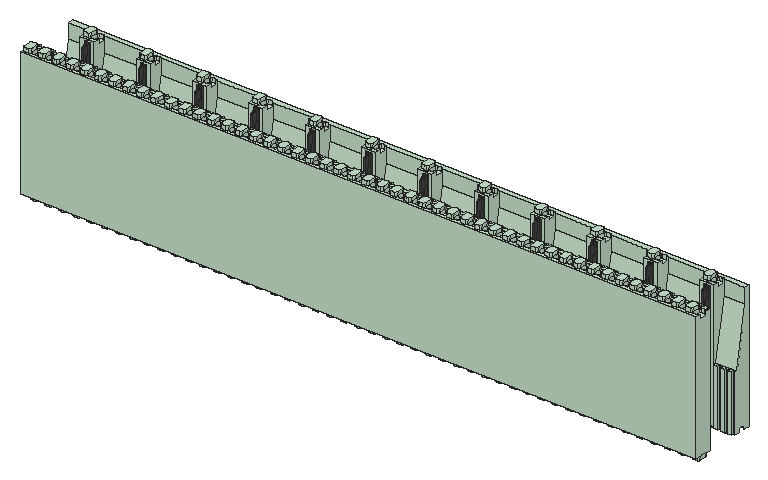
Revit family
Reference planes
  plane 1 "Center (Front/Back)": y = 0
  plane 2: z = 0
  plane 3 "Center (Left/Right)": x = 0
Forms (mm)
  Extrusion 1, solid, material "NUDURA Expanded Polystyrene Foam Insulation"
    sketch origin (0, 50.798, 0) x (1, 0, 0) y (0, 1, 0)
      loop
        line (7.142, -82.55) -> (0, -82.55) -> (0, -142.875) -> (2438.4, -142.875) -> (2438.4, -82.55) -> (2431.258, -82.55) -> (2432.842, -76.2) -> (2418.558, -76.2) -> (2420.142, -82.55) -> (2405.858, -82.55) -> (2407.442, -76.2) -> (2393.158, -76.2) -> (2394.742, -82.55) -> (2380.458, -82.55) -> (2382.042, -76.2) -> (2367.758, -76.2) -> (2369.342, -82.55) -> (2304.258, -82.55) -> (2305.842, -76.2) -> (2291.558, -76.2) -> (2293.142, -82.55) -> (2278.858, -82.55) -> (2280.442, -76.2) -> (2266.158, -76.2) -> (2267.742, -82.55) -> (2253.458, -82.55) -> (2255.042, -76.2) -> (2240.758, -76.2) -> (2242.342, -82.55) -> (2228.058, -82.55) -> (2229.642, -76.2) -> (2215.358, -76.2) -> (2216.942, -82.55) -> (2202.658, -82.55) -> (2204.242, -76.2) -> (2189.958, -76.2) -> (2191.542, -82.55) -> (2177.258, -82.55) -> (2178.842, -76.2) -> (2164.558, -76.2) -> (2166.142, -82.55) -> (2101.058, -82.55) -> (2102.642, -76.2) -> (2088.358, -76.2) -> (2089.942, -82.55) -> (2075.658, -82.55) -> (2077.242, -76.2) -> (2062.958, -76.2) -> (2064.542, -82.55) -> (2050.258, -82.55) -> (2051.842, -76.2) -> (2037.558, -76.2) -> (2039.142, -82.55) -> (2024.858, -82.55) -> (2026.442, -76.2) -> (2012.158, -76.2) -> (2013.742, -82.55) -> (1999.458, -82.55) -> (2001.042, -76.2) -> (1986.758, -76.2) -> (1988.342, -82.55) -> (1974.058, -82.55) -> (1975.642, -76.2) -> (1961.358, -76.2) -> (1962.942, -82.55) -> (1897.858, -82.55) -> (1899.442, -76.2) -> (1885.158, -76.2) -> (1886.742, -82.55) -> (1872.458, -82.55) -> (1874.042, -76.2) -> (1859.758, -76.2) -> (1861.342, -82.55) -> (1847.058, -82.55) -> (1848.642, -76.2) -> (1834.358, -76.2) -> (1835.942, -82.55) -> (1821.658, -82.55) -> (1823.242, -76.2) -> (1808.958, -76.2) -> (1810.542, -82.55) -> (1796.258, -82.55) -> (1797.842, -76.2) -> (1783.558, -76.2) -> (1785.142, -82.55) -> (1770.858, -82.55) -> (1772.442, -76.2) -> (1758.158, -76.2) -> (1759.742, -82.55) -> (1694.658, -82.55) -> (1696.242, -76.2) -> (1681.958, -76.2) -> (1683.542, -82.55) -> (1669.258, -82.55) -> (1670.842, -76.2) -> (1656.558, -76.2) -> (1658.142, -82.55) -> (1643.858, -82.55) -> (1645.442, -76.2) -> (1631.158, -76.2) -> (1632.742, -82.55) -> (1618.458, -82.55) -> (1620.042, -76.2) -> (1605.758, -76.2) -> (1607.342, -82.55) -> (1593.058, -82.55) -> (1594.642, -76.2) -> (1580.358, -76.2) -> (1581.942, -82.55) -> (1567.658, -82.55) -> (1569.242, -76.2) -> (1554.958, -76.2) -> (1556.542, -82.55) -> (1491.458, -82.55) -> (1493.042, -76.2) -> (1478.758, -76.2) -> (1480.342, -82.55) -> (1466.058, -82.55) -> (1467.642, -76.2) -> (1453.358, -76.2) -> (1454.942, -82.55) -> (1440.658, -82.55) -> (1442.242, -76.2) -> (1427.958, -76.2) -> (1429.542, -82.55) -> (1415.258, -82.55) -> (1416.842, -76.2) -> (1402.558, -76.2) -> (1404.142, -82.55) -> (1389.858, -82.55) -> (1391.442, -76.2) -> (1377.158, -76.2) -> (1378.742, -82.55) -> (1364.458, -82.55) -> (1366.042, -76.2) -> (1351.758, -76.2) -> (1353.342, -82.55) -> (1288.258, -82.55) -> (1289.842, -76.2) -> (1275.558, -76.2) -> (1277.142, -82.55) -> (1262.858, -82.55) -> (1264.442, -76.2) -> (1250.158, -76.2) -> (1251.742, -82.55) -> (1237.458, -82.55) -> (1239.042, -76.2) -> (1224.758, -76.2) -> (1226.342, -82.55) -> (1212.058, -82.55) -> (1213.642, -76.2) -> (1199.358, -76.2) -> (1200.942, -82.55) -> (1186.658, -82.55) -> (1188.242, -76.2) -> (1173.958, -76.2) -> (1175.542, -82.55) -> (1161.258, -82.55) -> (1162.842, -76.2) -> (1148.558, -76.2) -> (1150.142, -82.55) -> (1085.058, -82.55) -> (1086.642, -76.2) -> (1072.358, -76.2) -> (1073.942, -82.55) -> (1059.658, -82.55) -> (1061.242, -76.2) -> (1046.958, -76.2) -> (1048.542, -82.55) -> (1034.258, -82.55) -> (1035.842, -76.2) -> (1021.558, -76.2) -> (1023.142, -82.55) -> (1008.858, -82.55) -> (1010.442, -76.2) -> (996.158, -76.2) -> (997.742, -82.55) -> (983.458, -82.55) -> (985.042, -76.2) -> (970.758, -76.2) -> (972.342, -82.55) -> (958.058, -82.55) -> (959.642, -76.2) -> (945.358, -76.2) -> (946.942, -82.55) -> (881.858, -82.55) -> (883.442, -76.2) -> (869.158, -76.2) -> (870.742, -82.55) -> (856.458, -82.55) -> (858.042, -76.2) -> (843.758, -76.2) -> (845.342, -82.55) -> (831.058, -82.55) -> (832.642, -76.2) -> (818.358, -76.2) -> (819.942, -82.55) -> (805.658, -82.55) -> (807.242, -76.2) -> (792.958, -76.2) -> (794.542, -82.55) -> (780.258, -82.55) -> (781.842, -76.2) -> (767.558, -76.2) -> (769.142, -82.55) -> (754.858, -82.55) -> (756.442, -76.2) -> (742.158, -76.2) -> (743.742, -82.55) -> (678.658, -82.55) -> (680.242, -76.2) -> (665.958, -76.2) -> (667.542, -82.55) -> (653.258, -82.55) -> (654.842, -76.2) -> (640.558, -76.2) -> (642.142, -82.55) -> (627.858, -82.55) -> (629.442, -76.2) -> (615.158, -76.2) -> (616.742, -82.55) -> (602.458, -82.55) -> (604.042, -76.2) -> (589.758, -76.2) -> (591.342, -82.55) -> (577.058, -82.55) -> (578.642, -76.2) -> (564.358, -76.2) -> (565.942, -82.55) -> (551.658, -82.55) -> (553.242, -76.2) -> (538.958, -76.2) -> (540.542, -82.55) -> (475.458, -82.55) -> (477.042, -76.2) -> (462.758, -76.2) -> (464.342, -82.55) -> (450.058, -82.55) -> (451.642, -76.2) -> (437.358, -76.2) -> (438.942, -82.55) -> (424.658, -82.55) -> (426.242, -76.2) -> (411.958, -76.2) -> (413.542, -82.55) -> (399.258, -82.55) -> (400.842, -76.2) -> (386.558, -76.2) -> (388.142, -82.55) -> (373.858, -82.55) -> (375.442, -76.2) -> (361.158, -76.2) -> (362.742, -82.55) -> (348.458, -82.55) -> (350.042, -76.2) -> (335.758, -76.2) -> (337.342, -82.55) -> (272.258, -82.55) -> (273.842, -76.2) -> (259.558, -76.2) -> (261.142, -82.55) -> (246.858, -82.55) -> (248.442, -76.2) -> (234.158, -76.2) -> (235.742, -82.55) -> (221.458, -82.55) -> (223.042, -76.2) -> (208.758, -76.2) -> (210.342, -82.55) -> (196.058, -82.55) -> (197.642, -76.2) -> (183.358, -76.2) -> (184.942, -82.55) -> (170.658, -82.55) -> (172.242, -76.2) -> (157.958, -76.2) -> (159.542, -82.55) -> (145.258, -82.55) -> (146.842, -76.2) -> (132.558, -76.2) -> (134.142, -82.55) -> (69.058, -82.55) -> (70.642, -76.2) -> (56.358, -76.2) -> (57.942, -82.55) -> (43.658, -82.55) -> (45.242, -76.2) -> (30.958, -76.2) -> (32.542, -82.55) -> (18.258, -82.55) -> (19.842, -76.2) -> (5.558, -76.2) -> (7.142, -82.55)
    from 0 to 457.2
  Extrusion 2, void
    sketch origin (0, 50.798, 0) x (1, 0, 0) y (0, 1, 0)
      loop
        arc (25.4, -124.411) -> (26.615, -128.147) -> (29.796, -130.453) r 6.35
        arc (29.796, -130.453) -> (38.1, -131.763) -> (46.404, -130.453) r 26.987
        arc (46.404, -130.453) -> (49.585, -128.147) -> (50.8, -124.411) r 6.35
        line (50.8, -124.411) -> (50.8, -101.014)
        arc (50.8, -101.014) -> (50.362, -98.696) -> (49.108, -96.698) r 6.35
        arc (49.108, -96.698) -> (48.795, -96.199) -> (48.685, -95.62) r 1.588
        line (48.685, -95.62) -> (48.685, -86.829) -> (44.346, -86.829) -> (44.346, -92.457)
        arc (44.346, -92.457) -> (43.786, -93.668) -> (42.5, -94.024) r 1.587
        arc (42.5, -94.024) -> (36.091, -93.737) -> (29.796, -94.972) r 26.988
        arc (29.796, -94.972) -> (26.615, -97.278) -> (25.4, -101.014) r 6.35
        line (25.4, -101.014) -> (25.4, -124.411)
    from 457.2 to 444.5
  Extrusion 3, void
    sketch origin (50.8, 50.798, 0) x (1, 0, 0) y (0, 1, 0)
      loop
        arc (25.4, -124.411) -> (26.615, -128.147) -> (29.796, -130.453) r 6.35
        arc (29.796, -130.453) -> (38.1, -131.763) -> (46.404, -130.453) r 26.987
        arc (46.404, -130.453) -> (49.585, -128.147) -> (50.8, -124.411) r 6.35
        line (50.8, -124.411) -> (50.8, -101.014)
        arc (50.8, -101.014) -> (50.362, -98.696) -> (49.108, -96.698) r 6.35
        arc (49.108, -96.698) -> (48.795, -96.199) -> (48.685, -95.62) r 1.588
        line (48.685, -95.62) -> (48.685, -86.829) -> (44.346, -86.829) -> (44.346, -92.457)
        arc (44.346, -92.457) -> (43.786, -93.668) -> (42.5, -94.024) r 1.587
        arc (42.5, -94.024) -> (36.091, -93.737) -> (29.796, -94.972) r 26.988
        arc (29.796, -94.972) -> (26.615, -97.278) -> (25.4, -101.014) r 6.35
        line (25.4, -101.014) -> (25.4, -124.411)
    from 457.2 to 444.5
  Extrusion 4, void
    sketch origin (101.6, 50.798, 0) x (1, 0, 0) y (0, 1, 0)
      loop
        arc (25.4, -124.411) -> (26.615, -128.147) -> (29.796, -130.453) r 6.35
        arc (29.796, -130.453) -> (38.1, -131.763) -> (46.404, -130.453) r 26.987
        arc (46.404, -130.453) -> (49.585, -128.147) -> (50.8, -124.411) r 6.35
        line (50.8, -124.411) -> (50.8, -101.014)
        arc (50.8, -101.014) -> (50.362, -98.696) -> (49.108, -96.698) r 6.35
        arc (49.108, -96.698) -> (48.795, -96.199) -> (48.685, -95.62) r 1.588
        line (48.685, -95.62) -> (48.685, -86.829) -> (44.346, -86.829) -> (44.346, -92.457)
        arc (44.346, -92.457) -> (43.786, -93.668) -> (42.5, -94.024) r 1.587
        arc (42.5, -94.024) -> (36.091, -93.737) -> (29.796, -94.972) r 26.988
        arc (29.796, -94.972) -> (26.615, -97.278) -> (25.4, -101.014) r 6.35
        line (25.4, -101.014) -> (25.4, -124.411)
    from 457.2 to 444.5
  Extrusion 5, void
    sketch origin (152.4, 50.798, 0) x (1, 0, 0) y (0, 1, 0)
      loop
        arc (25.4, -124.411) -> (26.615, -128.147) -> (29.796, -130.453) r 6.35
        arc (29.796, -130.453) -> (38.1, -131.763) -> (46.404, -130.453) r 26.987
        arc (46.404, -130.453) -> (49.585, -128.147) -> (50.8, -124.411) r 6.35
        line (50.8, -124.411) -> (50.8, -101.014)
        arc (50.8, -101.014) -> (50.362, -98.696) -> (49.108, -96.698) r 6.35
        arc (49.108, -96.698) -> (48.795, -96.199) -> (48.685, -95.62) r 1.588
        line (48.685, -95.62) -> (48.685, -86.829) -> (44.346, -86.829) -> (44.346, -92.457)
        arc (44.346, -92.457) -> (43.786, -93.668) -> (42.5, -94.024) r 1.587
        arc (42.5, -94.024) -> (36.091, -93.737) -> (29.796, -94.972) r 26.988
        arc (29.796, -94.972) -> (26.615, -97.278) -> (25.4, -101.014) r 6.35
        line (25.4, -101.014) -> (25.4, -124.411)
    from 457.2 to 444.5
  Extrusion 6, void
    sketch origin (203.2, 50.798, 0) x (1, 0, 0) y (0, 1, 0)
      loop
        arc (25.4, -124.411) -> (26.615, -128.147) -> (29.796, -130.453) r 6.35
        arc (29.796, -130.453) -> (38.1, -131.763) -> (46.404, -130.453) r 26.987
        arc (46.404, -130.453) -> (49.585, -128.147) -> (50.8, -124.411) r 6.35
        line (50.8, -124.411) -> (50.8, -101.014)
        arc (50.8, -101.014) -> (50.362, -98.696) -> (49.108, -96.698) r 6.35
        arc (49.108, -96.698) -> (48.795, -96.199) -> (48.685, -95.62) r 1.588
        line (48.685, -95.62) -> (48.685, -86.829) -> (44.346, -86.829) -> (44.346, -92.457)
        arc (44.346, -92.457) -> (43.786, -93.668) -> (42.5, -94.024) r 1.587
        arc (42.5, -94.024) -> (36.091, -93.737) -> (29.796, -94.972) r 26.988
        arc (29.796, -94.972) -> (26.615, -97.278) -> (25.4, -101.014) r 6.35
        line (25.4, -101.014) -> (25.4, -124.411)
    from 457.2 to 444.5
  Extrusion 7, void
    sketch origin (254, 50.798, 0) x (1, 0, 0) y (0, 1, 0)
      loop
        arc (25.4, -124.411) -> (26.615, -128.147) -> (29.796, -130.453) r 6.35
        arc (29.796, -130.453) -> (38.1, -131.763) -> (46.404, -130.453) r 26.987
        arc (46.404, -130.453) -> (49.585, -128.147) -> (50.8, -124.411) r 6.35
        line (50.8, -124.411) -> (50.8, -101.014)
        arc (50.8, -101.014) -> (50.362, -98.696) -> (49.108, -96.698) r 6.35
        arc (49.108, -96.698) -> (48.795, -96.199) -> (48.685, -95.62) r 1.588
        line (48.685, -95.62) -> (48.685, -86.829) -> (44.346, -86.829) -> (44.346, -92.457)
        arc (44.346, -92.457) -> (43.786, -93.668) -> (42.5, -94.024) r 1.587
        arc (42.5, -94.024) -> (36.091, -93.737) -> (29.796, -94.972) r 26.988
        arc (29.796, -94.972) -> (26.615, -97.278) -> (25.4, -101.014) r 6.35
        line (25.4, -101.014) -> (25.4, -124.411)
    from 457.2 to 444.5
  Extrusion 8, void
    sketch origin (304.8, 50.798, 0) x (1, 0, 0) y (0, 1, 0)
      loop
        arc (25.4, -124.411) -> (26.615, -128.147) -> (29.796, -130.453) r 6.35
        arc (29.796, -130.453) -> (38.1, -131.763) -> (46.404, -130.453) r 26.987
        arc (46.404, -130.453) -> (49.585, -128.147) -> (50.8, -124.411) r 6.35
        line (50.8, -124.411) -> (50.8, -101.014)
        arc (50.8, -101.014) -> (50.362, -98.696) -> (49.108, -96.698) r 6.35
        arc (49.108, -96.698) -> (48.795, -96.199) -> (48.685, -95.62) r 1.588
        line (48.685, -95.62) -> (48.685, -86.829) -> (44.346, -86.829) -> (44.346, -92.457)
        arc (44.346, -92.457) -> (43.786, -93.668) -> (42.5, -94.024) r 1.587
        arc (42.5, -94.024) -> (36.091, -93.737) -> (29.796, -94.972) r 26.988
        arc (29.796, -94.972) -> (26.615, -97.278) -> (25.4, -101.014) r 6.35
        line (25.4, -101.014) -> (25.4, -124.411)
    from 457.2 to 444.5
  Extrusion 9, void
    sketch origin (355.6, 50.798, 0) x (1, 0, 0) y (0, 1, 0)
      loop
        arc (25.4, -124.411) -> (26.615, -128.147) -> (29.796, -130.453) r 6.35
        arc (29.796, -130.453) -> (38.1, -131.763) -> (46.404, -130.453) r 26.987
        arc (46.404, -130.453) -> (49.585, -128.147) -> (50.8, -124.411) r 6.35
        line (50.8, -124.411) -> (50.8, -101.014)
        arc (50.8, -101.014) -> (50.362, -98.696) -> (49.108, -96.698) r 6.35
        arc (49.108, -96.698) -> (48.795, -96.199) -> (48.685, -95.62) r 1.588
        line (48.685, -95.62) -> (48.685, -86.829) -> (44.346, -86.829) -> (44.346, -92.457)
        arc (44.346, -92.457) -> (43.786, -93.668) -> (42.5, -94.024) r 1.587
        arc (42.5, -94.024) -> (36.091, -93.737) -> (29.796, -94.972) r 26.988
        arc (29.796, -94.972) -> (26.615, -97.278) -> (25.4, -101.014) r 6.35
        line (25.4, -101.014) -> (25.4, -124.411)
    from 457.2 to 444.5
  Extrusion 10, void
    sketch origin (406.4, 50.798, 0) x (1, 0, 0) y (0, 1, 0)
      loop
        arc (25.4, -124.411) -> (26.615, -128.147) -> (29.796, -130.453) r 6.35
        arc (29.796, -130.453) -> (38.1, -131.763) -> (46.404, -130.453) r 26.987
        arc (46.404, -130.453) -> (49.585, -128.147) -> (50.8, -124.411) r 6.35
        line (50.8, -124.411) -> (50.8, -101.014)
        arc (50.8, -101.014) -> (50.362, -98.696) -> (49.108, -96.698) r 6.35
        arc (49.108, -96.698) -> (48.795, -96.199) -> (48.685, -95.62) r 1.588
        line (48.685, -95.62) -> (48.685, -86.829) -> (44.346, -86.829) -> (44.346, -92.457)
        arc (44.346, -92.457) -> (43.786, -93.668) -> (42.5, -94.024) r 1.587
        arc (42.5, -94.024) -> (36.091, -93.737) -> (29.796, -94.972) r 26.988
        arc (29.796, -94.972) -> (26.615, -97.278) -> (25.4, -101.014) r 6.35
        line (25.4, -101.014) -> (25.4, -124.411)
    from 457.2 to 444.5
  Extrusion 11, void
    sketch origin (457.2, 50.798, 0) x (1, 0, 0) y (0, 1, 0)
      loop
        arc (25.4, -124.411) -> (26.615, -128.147) -> (29.796, -130.453) r 6.35
        arc (29.796, -130.453) -> (38.1, -131.763) -> (46.404, -130.453) r 26.987
        arc (46.404, -130.453) -> (49.585, -128.147) -> (50.8, -124.411) r 6.35
        line (50.8, -124.411) -> (50.8, -101.014)
        arc (50.8, -101.014) -> (50.362, -98.696) -> (49.108, -96.698) r 6.35
        arc (49.108, -96.698) -> (48.795, -96.199) -> (48.685, -95.62) r 1.588
        line (48.685, -95.62) -> (48.685, -86.829) -> (44.346, -86.829) -> (44.346, -92.457)
        arc (44.346, -92.457) -> (43.786, -93.668) -> (42.5, -94.024) r 1.587
        arc (42.5, -94.024) -> (36.091, -93.737) -> (29.796, -94.972) r 26.988
        arc (29.796, -94.972) -> (26.615, -97.278) -> (25.4, -101.014) r 6.35
        line (25.4, -101.014) -> (25.4, -124.411)
    from 457.2 to 444.5
  Extrusion 12, void
    sketch origin (508, 50.798, 0) x (1, 0, 0) y (0, 1, 0)
      loop
        arc (25.4, -124.411) -> (26.615, -128.147) -> (29.796, -130.453) r 6.35
        arc (29.796, -130.453) -> (38.1, -131.763) -> (46.404, -130.453) r 26.987
        arc (46.404, -130.453) -> (49.585, -128.147) -> (50.8, -124.411) r 6.35
        line (50.8, -124.411) -> (50.8, -101.014)
        arc (50.8, -101.014) -> (50.362, -98.696) -> (49.108, -96.698) r 6.35
        arc (49.108, -96.698) -> (48.795, -96.199) -> (48.685, -95.62) r 1.588
        line (48.685, -95.62) -> (48.685, -86.829) -> (44.346, -86.829) -> (44.346, -92.457)
        arc (44.346, -92.457) -> (43.786, -93.668) -> (42.5, -94.024) r 1.587
        arc (42.5, -94.024) -> (36.091, -93.737) -> (29.796, -94.972) r 26.988
        arc (29.796, -94.972) -> (26.615, -97.278) -> (25.4, -101.014) r 6.35
        line (25.4, -101.014) -> (25.4, -124.411)
    from 457.2 to 444.5
  Extrusion 13, void
    sketch origin (558.8, 50.798, 0) x (1, 0, 0) y (0, 1, 0)
      loop
        arc (25.4, -124.411) -> (26.615, -128.147) -> (29.796, -130.453) r 6.35
        arc (29.796, -130.453) -> (38.1, -131.763) -> (46.404, -130.453) r 26.987
        arc (46.404, -130.453) -> (49.585, -128.147) -> (50.8, -124.411) r 6.35
        line (50.8, -124.411) -> (50.8, -101.014)
        arc (50.8, -101.014) -> (50.362, -98.696) -> (49.108, -96.698) r 6.35
        arc (49.108, -96.698) -> (48.795, -96.199) -> (48.685, -95.62) r 1.588
        line (48.685, -95.62) -> (48.685, -86.829) -> (44.346, -86.829) -> (44.346, -92.457)
        arc (44.346, -92.457) -> (43.786, -93.668) -> (42.5, -94.024) r 1.587
        arc (42.5, -94.024) -> (36.091, -93.737) -> (29.796, -94.972) r 26.988
        arc (29.796, -94.972) -> (26.615, -97.278) -> (25.4, -101.014) r 6.35
        line (25.4, -101.014) -> (25.4, -124.411)
    from 457.2 to 444.5
  Extrusion 14, void
    sketch origin (609.6, 50.798, 0) x (1, 0, 0) y (0, 1, 0)
      loop
        arc (25.4, -124.411) -> (26.615, -128.147) -> (29.796, -130.453) r 6.35
        arc (29.796, -130.453) -> (38.1, -131.763) -> (46.404, -130.453) r 26.987
        arc (46.404, -130.453) -> (49.585, -128.147) -> (50.8, -124.411) r 6.35
        line (50.8, -124.411) -> (50.8, -101.014)
        arc (50.8, -101.014) -> (50.362, -98.696) -> (49.108, -96.698) r 6.35
        arc (49.108, -96.698) -> (48.795, -96.199) -> (48.685, -95.62) r 1.588
        line (48.685, -95.62) -> (48.685, -86.829) -> (44.346, -86.829) -> (44.346, -92.457)
        arc (44.346, -92.457) -> (43.786, -93.668) -> (42.5, -94.024) r 1.587
        arc (42.5, -94.024) -> (36.091, -93.737) -> (29.796, -94.972) r 26.988
        arc (29.796, -94.972) -> (26.615, -97.278) -> (25.4, -101.014) r 6.35
        line (25.4, -101.014) -> (25.4, -124.411)
    from 457.2 to 444.5
  Extrusion 15, void
    sketch origin (660.4, 50.798, 0) x (1, 0, 0) y (0, 1, 0)
      loop
        arc (25.4, -124.411) -> (26.615, -128.147) -> (29.796, -130.453) r 6.35
        arc (29.796, -130.453) -> (38.1, -131.763) -> (46.404, -130.453) r 26.987
        arc (46.404, -130.453) -> (49.585, -128.147) -> (50.8, -124.411) r 6.35
        line (50.8, -124.411) -> (50.8, -101.014)
        arc (50.8, -101.014) -> (50.362, -98.696) -> (49.108, -96.698) r 6.35
        arc (49.108, -96.698) -> (48.795, -96.199) -> (48.685, -95.62) r 1.588
        line (48.685, -95.62) -> (48.685, -86.829) -> (44.346, -86.829) -> (44.346, -92.457)
        arc (44.346, -92.457) -> (43.786, -93.668) -> (42.5, -94.024) r 1.587
        arc (42.5, -94.024) -> (36.091, -93.737) -> (29.796, -94.972) r 26.988
        arc (29.796, -94.972) -> (26.615, -97.278) -> (25.4, -101.014) r 6.35
        line (25.4, -101.014) -> (25.4, -124.411)
    from 457.2 to 444.5
  Extrusion 16, void
    sketch origin (711.2, 50.798, 0) x (1, 0, 0) y (0, 1, 0)
      loop
        arc (25.4, -124.411) -> (26.615, -128.147) -> (29.796, -130.453) r 6.35
        arc (29.796, -130.453) -> (38.1, -131.763) -> (46.404, -130.453) r 26.987
        arc (46.404, -130.453) -> (49.585, -128.147) -> (50.8, -124.411) r 6.35
        line (50.8, -124.411) -> (50.8, -101.014)
        arc (50.8, -101.014) -> (50.362, -98.696) -> (49.108, -96.698) r 6.35
        arc (49.108, -96.698) -> (48.795, -96.199) -> (48.685, -95.62) r 1.588
        line (48.685, -95.62) -> (48.685, -86.829) -> (44.346, -86.829) -> (44.346, -92.457)
        arc (44.346, -92.457) -> (43.786, -93.668) -> (42.5, -94.024) r 1.587
        arc (42.5, -94.024) -> (36.091, -93.737) -> (29.796, -94.972) r 26.988
        arc (29.796, -94.972) -> (26.615, -97.278) -> (25.4, -101.014) r 6.35
        line (25.4, -101.014) -> (25.4, -124.411)
    from 457.2 to 444.5
  Extrusion 17, void
    sketch origin (762, 50.798, 0) x (1, 0, 0) y (0, 1, 0)
      loop
        arc (25.4, -124.411) -> (26.615, -128.147) -> (29.796, -130.453) r 6.35
        arc (29.796, -130.453) -> (38.1, -131.763) -> (46.404, -130.453) r 26.987
        arc (46.404, -130.453) -> (49.585, -128.147) -> (50.8, -124.411) r 6.35
        line (50.8, -124.411) -> (50.8, -101.014)
        arc (50.8, -101.014) -> (50.362, -98.696) -> (49.108, -96.698) r 6.35
        arc (49.108, -96.698) -> (48.795, -96.199) -> (48.685, -95.62) r 1.588
        line (48.685, -95.62) -> (48.685, -86.829) -> (44.346, -86.829) -> (44.346, -92.457)
        arc (44.346, -92.457) -> (43.786, -93.668) -> (42.5, -94.024) r 1.587
        arc (42.5, -94.024) -> (36.091, -93.737) -> (29.796, -94.972) r 26.988
        arc (29.796, -94.972) -> (26.615, -97.278) -> (25.4, -101.014) r 6.35
        line (25.4, -101.014) -> (25.4, -124.411)
    from 457.2 to 444.5
  Extrusion 18, void
    sketch origin (812.8, 50.798, 0) x (1, 0, 0) y (0, 1, 0)
      loop
        arc (25.4, -124.411) -> (26.615, -128.147) -> (29.796, -130.453) r 6.35
        arc (29.796, -130.453) -> (38.1, -131.763) -> (46.404, -130.453) r 26.987
        arc (46.404, -130.453) -> (49.585, -128.147) -> (50.8, -124.411) r 6.35
        line (50.8, -124.411) -> (50.8, -101.014)
        arc (50.8, -101.014) -> (50.362, -98.696) -> (49.108, -96.698) r 6.35
        arc (49.108, -96.698) -> (48.795, -96.199) -> (48.685, -95.62) r 1.588
        line (48.685, -95.62) -> (48.685, -86.829) -> (44.346, -86.829) -> (44.346, -92.457)
        arc (44.346, -92.457) -> (43.786, -93.668) -> (42.5, -94.024) r 1.587
        arc (42.5, -94.024) -> (36.091, -93.737) -> (29.796, -94.972) r 26.988
        arc (29.796, -94.972) -> (26.615, -97.278) -> (25.4, -101.014) r 6.35
        line (25.4, -101.014) -> (25.4, -124.411)
    from 457.2 to 444.5
  Extrusion 19, void
    sketch origin (863.6, 50.798, 0) x (1, 0, 0) y (0, 1, 0)
      loop
        arc (25.4, -124.411) -> (26.615, -128.147) -> (29.796, -130.453) r 6.35
        arc (29.796, -130.453) -> (38.1, -131.763) -> (46.404, -130.453) r 26.987
        arc (46.404, -130.453) -> (49.585, -128.147) -> (50.8, -124.411) r 6.35
        line (50.8, -124.411) -> (50.8, -101.014)
        arc (50.8, -101.014) -> (50.362, -98.696) -> (49.108, -96.698) r 6.35
        arc (49.108, -96.698) -> (48.795, -96.199) -> (48.685, -95.62) r 1.588
        line (48.685, -95.62) -> (48.685, -86.829) -> (44.346, -86.829) -> (44.346, -92.457)
        arc (44.346, -92.457) -> (43.786, -93.668) -> (42.5, -94.024) r 1.587
        arc (42.5, -94.024) -> (36.091, -93.737) -> (29.796, -94.972) r 26.988
        arc (29.796, -94.972) -> (26.615, -97.278) -> (25.4, -101.014) r 6.35
        line (25.4, -101.014) -> (25.4, -124.411)
    from 457.2 to 444.5
  Extrusion 20, void
    sketch origin (914.4, 50.798, 0) x (1, 0, 0) y (0, 1, 0)
      loop
        arc (25.4, -124.411) -> (26.615, -128.147) -> (29.796, -130.453) r 6.35
        arc (29.796, -130.453) -> (38.1, -131.763) -> (46.404, -130.453) r 26.987
        arc (46.404, -130.453) -> (49.585, -128.147) -> (50.8, -124.411) r 6.35
        line (50.8, -124.411) -> (50.8, -101.014)
        arc (50.8, -101.014) -> (50.362, -98.696) -> (49.108, -96.698) r 6.35
        arc (49.108, -96.698) -> (48.795, -96.199) -> (48.685, -95.62) r 1.588
        line (48.685, -95.62) -> (48.685, -86.829) -> (44.346, -86.829) -> (44.346, -92.457)
        arc (44.346, -92.457) -> (43.786, -93.668) -> (42.5, -94.024) r 1.587
        arc (42.5, -94.024) -> (36.091, -93.737) -> (29.796, -94.972) r 26.988
        arc (29.796, -94.972) -> (26.615, -97.278) -> (25.4, -101.014) r 6.35
        line (25.4, -101.014) -> (25.4, -124.411)
    from 457.2 to 444.5
  Extrusion 21, void
    sketch origin (965.2, 50.798, 0) x (1, 0, 0) y (0, 1, 0)
      loop
        arc (25.4, -124.411) -> (26.615, -128.147) -> (29.796, -130.453) r 6.35
        arc (29.796, -130.453) -> (38.1, -131.763) -> (46.404, -130.453) r 26.987
        arc (46.404, -130.453) -> (49.585, -128.147) -> (50.8, -124.411) r 6.35
        line (50.8, -124.411) -> (50.8, -101.014)
        arc (50.8, -101.014) -> (50.362, -98.696) -> (49.108, -96.698) r 6.35
        arc (49.108, -96.698) -> (48.795, -96.199) -> (48.685, -95.62) r 1.588
        line (48.685, -95.62) -> (48.685, -86.829) -> (44.346, -86.829) -> (44.346, -92.457)
        arc (44.346, -92.457) -> (43.786, -93.668) -> (42.5, -94.024) r 1.587
        arc (42.5, -94.024) -> (36.091, -93.737) -> (29.796, -94.972) r 26.988
        arc (29.796, -94.972) -> (26.615, -97.278) -> (25.4, -101.014) r 6.35
        line (25.4, -101.014) -> (25.4, -124.411)
    from 457.2 to 444.5
  Extrusion 22, void
    sketch origin (1016, 50.798, 0) x (1, 0, 0) y (0, 1, 0)
      loop
        arc (25.4, -124.411) -> (26.615, -128.147) -> (29.796, -130.453) r 6.35
        arc (29.796, -130.453) -> (38.1, -131.763) -> (46.404, -130.453) r 26.987
        arc (46.404, -130.453) -> (49.585, -128.147) -> (50.8, -124.411) r 6.35
        line (50.8, -124.411) -> (50.8, -101.014)
        arc (50.8, -101.014) -> (50.362, -98.696) -> (49.108, -96.698) r 6.35
        arc (49.108, -96.698) -> (48.795, -96.199) -> (48.685, -95.62) r 1.588
        line (48.685, -95.62) -> (48.685, -86.829) -> (44.346, -86.829) -> (44.346, -92.457)
        arc (44.346, -92.457) -> (43.786, -93.668) -> (42.5, -94.024) r 1.587
        arc (42.5, -94.024) -> (36.091, -93.737) -> (29.796, -94.972) r 26.988
        arc (29.796, -94.972) -> (26.615, -97.278) -> (25.4, -101.014) r 6.35
        line (25.4, -101.014) -> (25.4, -124.411)
    from 457.2 to 444.5
  Extrusion 23, void
    sketch origin (1066.8, 50.798, 0) x (1, 0, 0) y (0, 1, 0)
      loop
        arc (25.4, -124.411) -> (26.615, -128.147) -> (29.796, -130.453) r 6.35
        arc (29.796, -130.453) -> (38.1, -131.763) -> (46.404, -130.453) r 26.987
        arc (46.404, -130.453) -> (49.585, -128.147) -> (50.8, -124.411) r 6.35
        line (50.8, -124.411) -> (50.8, -101.014)
        arc (50.8, -101.014) -> (50.362, -98.696) -> (49.108, -96.698) r 6.35
        arc (49.108, -96.698) -> (48.795, -96.199) -> (48.685, -95.62) r 1.588
        line (48.685, -95.62) -> (48.685, -86.829) -> (44.346, -86.829) -> (44.346, -92.457)
        arc (44.346, -92.457) -> (43.786, -93.668) -> (42.5, -94.024) r 1.587
        arc (42.5, -94.024) -> (36.091, -93.737) -> (29.796, -94.972) r 26.988
        arc (29.796, -94.972) -> (26.615, -97.278) -> (25.4, -101.014) r 6.35
        line (25.4, -101.014) -> (25.4, -124.411)
    from 457.2 to 444.5
  Extrusion 24, void
    sketch origin (1117.6, 50.798, 0) x (1, 0, 0) y (0, 1, 0)
      loop
        arc (25.4, -124.411) -> (26.615, -128.147) -> (29.796, -130.453) r 6.35
        arc (29.796, -130.453) -> (38.1, -131.763) -> (46.404, -130.453) r 26.987
        arc (46.404, -130.453) -> (49.585, -128.147) -> (50.8, -124.411) r 6.35
        line (50.8, -124.411) -> (50.8, -101.014)
        arc (50.8, -101.014) -> (50.362, -98.696) -> (49.108, -96.698) r 6.35
        arc (49.108, -96.698) -> (48.795, -96.199) -> (48.685, -95.62) r 1.588
        line (48.685, -95.62) -> (48.685, -86.829) -> (44.346, -86.829) -> (44.346, -92.457)
        arc (44.346, -92.457) -> (43.786, -93.668) -> (42.5, -94.024) r 1.587
        arc (42.5, -94.024) -> (36.091, -93.737) -> (29.796, -94.972) r 26.988
        arc (29.796, -94.972) -> (26.615, -97.278) -> (25.4, -101.014) r 6.35
        line (25.4, -101.014) -> (25.4, -124.411)
    from 457.2 to 444.5
  Extrusion 25, void
    sketch origin (1168.4, 50.798, 0) x (1, 0, 0) y (0, 1, 0)
      loop
        arc (25.4, -124.411) -> (26.615, -128.147) -> (29.796, -130.453) r 6.35
        arc (29.796, -130.453) -> (38.1, -131.763) -> (46.404, -130.453) r 26.987
        arc (46.404, -130.453) -> (49.585, -128.147) -> (50.8, -124.411) r 6.35
        line (50.8, -124.411) -> (50.8, -101.014)
        arc (50.8, -101.014) -> (50.362, -98.696) -> (49.108, -96.698) r 6.35
        arc (49.108, -96.698) -> (48.795, -96.199) -> (48.685, -95.62) r 1.588
        line (48.685, -95.62) -> (48.685, -86.829) -> (44.346, -86.829) -> (44.346, -92.457)
        arc (44.346, -92.457) -> (43.786, -93.668) -> (42.5, -94.024) r 1.587
        arc (42.5, -94.024) -> (36.091, -93.737) -> (29.796, -94.972) r 26.988
        arc (29.796, -94.972) -> (26.615, -97.278) -> (25.4, -101.014) r 6.35
        line (25.4, -101.014) -> (25.4, -124.411)
    from 457.2 to 444.5
  Extrusion 26, void
    sketch origin (1219.2, 50.798, 0) x (1, 0, 0) y (0, 1, 0)
      loop
        arc (25.4, -124.411) -> (26.615, -128.147) -> (29.796, -130.453) r 6.35
        arc (29.796, -130.453) -> (38.1, -131.763) -> (46.404, -130.453) r 26.987
        arc (46.404, -130.453) -> (49.585, -128.147) -> (50.8, -124.411) r 6.35
        line (50.8, -124.411) -> (50.8, -101.014)
        arc (50.8, -101.014) -> (50.362, -98.696) -> (49.108, -96.698) r 6.35
        arc (49.108, -96.698) -> (48.795, -96.199) -> (48.685, -95.62) r 1.588
        line (48.685, -95.62) -> (48.685, -86.829) -> (44.346, -86.829) -> (44.346, -92.457)
        arc (44.346, -92.457) -> (43.786, -93.668) -> (42.5, -94.024) r 1.587
        arc (42.5, -94.024) -> (36.091, -93.737) -> (29.796, -94.972) r 26.988
        arc (29.796, -94.972) -> (26.615, -97.278) -> (25.4, -101.014) r 6.35
        line (25.4, -101.014) -> (25.4, -124.411)
    from 457.2 to 444.5
  Extrusion 27, void
    sketch origin (1270, 50.798, 0) x (1, 0, 0) y (0, 1, 0)
      loop
        arc (25.4, -124.411) -> (26.615, -128.147) -> (29.796, -130.453) r 6.35
        arc (29.796, -130.453) -> (38.1, -131.763) -> (46.404, -130.453) r 26.987
        arc (46.404, -130.453) -> (49.585, -128.147) -> (50.8, -124.411) r 6.35
        line (50.8, -124.411) -> (50.8, -101.014)
        arc (50.8, -101.014) -> (50.362, -98.696) -> (49.108, -96.698) r 6.35
        arc (49.108, -96.698) -> (48.795, -96.199) -> (48.685, -95.62) r 1.588
        line (48.685, -95.62) -> (48.685, -86.829) -> (44.346, -86.829) -> (44.346, -92.457)
        arc (44.346, -92.457) -> (43.786, -93.668) -> (42.5, -94.024) r 1.587
        arc (42.5, -94.024) -> (36.091, -93.737) -> (29.796, -94.972) r 26.988
        arc (29.796, -94.972) -> (26.615, -97.278) -> (25.4, -101.014) r 6.35
        line (25.4, -101.014) -> (25.4, -124.411)
    from 457.2 to 444.5
  Extrusion 28, void
    sketch origin (1320.8, 50.798, 0) x (1, 0, 0) y (0, 1, 0)
      loop
        arc (25.4, -124.411) -> (26.615, -128.147) -> (29.796, -130.453) r 6.35
        arc (29.796, -130.453) -> (38.1, -131.763) -> (46.404, -130.453) r 26.987
        arc (46.404, -130.453) -> (49.585, -128.147) -> (50.8, -124.411) r 6.35
        line (50.8, -124.411) -> (50.8, -101.014)
        arc (50.8, -101.014) -> (50.362, -98.696) -> (49.108, -96.698) r 6.35
        arc (49.108, -96.698) -> (48.795, -96.199) -> (48.685, -95.62) r 1.588
        line (48.685, -95.62) -> (48.685, -86.829) -> (44.346, -86.829) -> (44.346, -92.457)
        arc (44.346, -92.457) -> (43.786, -93.668) -> (42.5, -94.024) r 1.587
        arc (42.5, -94.024) -> (36.091, -93.737) -> (29.796, -94.972) r 26.988
        arc (29.796, -94.972) -> (26.615, -97.278) -> (25.4, -101.014) r 6.35
        line (25.4, -101.014) -> (25.4, -124.411)
    from 457.2 to 444.5
  Extrusion 29, void
    sketch origin (1371.6, 50.798, 0) x (1, 0, 0) y (0, 1, 0)
      loop
        arc (25.4, -124.411) -> (26.615, -128.147) -> (29.796, -130.453) r 6.35
        arc (29.796, -130.453) -> (38.1, -131.763) -> (46.404, -130.453) r 26.987
        arc (46.404, -130.453) -> (49.585, -128.147) -> (50.8, -124.411) r 6.35
        line (50.8, -124.411) -> (50.8, -101.014)
        arc (50.8, -101.014) -> (50.362, -98.696) -> (49.108, -96.698) r 6.35
        arc (49.108, -96.698) -> (48.795, -96.199) -> (48.685, -95.62) r 1.588
        line (48.685, -95.62) -> (48.685, -86.829) -> (44.346, -86.829) -> (44.346, -92.457)
        arc (44.346, -92.457) -> (43.786, -93.668) -> (42.5, -94.024) r 1.587
        arc (42.5, -94.024) -> (36.091, -93.737) -> (29.796, -94.972) r 26.988
        arc (29.796, -94.972) -> (26.615, -97.278) -> (25.4, -101.014) r 6.35
        line (25.4, -101.014) -> (25.4, -124.411)
    from 457.2 to 444.5
  Extrusion 30, void
    sketch origin (1422.4, 50.798, 0) x (1, 0, 0) y (0, 1, 0)
      loop
        arc (25.4, -124.411) -> (26.615, -128.147) -> (29.796, -130.453) r 6.35
        arc (29.796, -130.453) -> (38.1, -131.763) -> (46.404, -130.453) r 26.987
        arc (46.404, -130.453) -> (49.585, -128.147) -> (50.8, -124.411) r 6.35
        line (50.8, -124.411) -> (50.8, -101.014)
        arc (50.8, -101.014) -> (50.362, -98.696) -> (49.108, -96.698) r 6.35
        arc (49.108, -96.698) -> (48.795, -96.199) -> (48.685, -95.62) r 1.588
        line (48.685, -95.62) -> (48.685, -86.829) -> (44.346, -86.829) -> (44.346, -92.457)
        arc (44.346, -92.457) -> (43.786, -93.668) -> (42.5, -94.024) r 1.587
        arc (42.5, -94.024) -> (36.091, -93.737) -> (29.796, -94.972) r 26.988
        arc (29.796, -94.972) -> (26.615, -97.278) -> (25.4, -101.014) r 6.35
        line (25.4, -101.014) -> (25.4, -124.411)
    from 457.2 to 444.5
  Extrusion 31, void
    sketch origin (1473.2, 50.798, 0) x (1, 0, 0) y (0, 1, 0)
      loop
        arc (25.4, -124.411) -> (26.615, -128.147) -> (29.796, -130.453) r 6.35
        arc (29.796, -130.453) -> (38.1, -131.763) -> (46.404, -130.453) r 26.987
        arc (46.404, -130.453) -> (49.585, -128.147) -> (50.8, -124.411) r 6.35
        line (50.8, -124.411) -> (50.8, -101.014)
        arc (50.8, -101.014) -> (50.362, -98.696) -> (49.108, -96.698) r 6.35
        arc (49.108, -96.698) -> (48.795, -96.199) -> (48.685, -95.62) r 1.588
        line (48.685, -95.62) -> (48.685, -86.829) -> (44.346, -86.829) -> (44.346, -92.457)
        arc (44.346, -92.457) -> (43.786, -93.668) -> (42.5, -94.024) r 1.587
        arc (42.5, -94.024) -> (36.091, -93.737) -> (29.796, -94.972) r 26.988
        arc (29.796, -94.972) -> (26.615, -97.278) -> (25.4, -101.014) r 6.35
        line (25.4, -101.014) -> (25.4, -124.411)
    from 457.2 to 444.5
  Extrusion 32, void
    sketch origin (1524, 50.798, 0) x (1, 0, 0) y (0, 1, 0)
      loop
        arc (25.4, -124.411) -> (26.615, -128.147) -> (29.796, -130.453) r 6.35
        arc (29.796, -130.453) -> (38.1, -131.763) -> (46.404, -130.453) r 26.987
        arc (46.404, -130.453) -> (49.585, -128.147) -> (50.8, -124.411) r 6.35
        line (50.8, -124.411) -> (50.8, -101.014)
        arc (50.8, -101.014) -> (50.362, -98.696) -> (49.108, -96.698) r 6.35
        arc (49.108, -96.698) -> (48.795, -96.199) -> (48.685, -95.62) r 1.588
        line (48.685, -95.62) -> (48.685, -86.829) -> (44.346, -86.829) -> (44.346, -92.457)
        arc (44.346, -92.457) -> (43.786, -93.668) -> (42.5, -94.024) r 1.587
        arc (42.5, -94.024) -> (36.091, -93.737) -> (29.796, -94.972) r 26.988
        arc (29.796, -94.972) -> (26.615, -97.278) -> (25.4, -101.014) r 6.35
        line (25.4, -101.014) -> (25.4, -124.411)
    from 457.2 to 444.5
  Extrusion 33, void
    sketch origin (1574.8, 50.798, 0) x (1, 0, 0) y (0, 1, 0)
      loop
        arc (25.4, -124.411) -> (26.615, -128.147) -> (29.796, -130.453) r 6.35
        arc (29.796, -130.453) -> (38.1, -131.763) -> (46.404, -130.453) r 26.987
        arc (46.404, -130.453) -> (49.585, -128.147) -> (50.8, -124.411) r 6.35
        line (50.8, -124.411) -> (50.8, -101.014)
        arc (50.8, -101.014) -> (50.362, -98.696) -> (49.108, -96.698) r 6.35
        arc (49.108, -96.698) -> (48.795, -96.199) -> (48.685, -95.62) r 1.588
        line (48.685, -95.62) -> (48.685, -86.829) -> (44.346, -86.829) -> (44.346, -92.457)
        arc (44.346, -92.457) -> (43.786, -93.668) -> (42.5, -94.024) r 1.587
        arc (42.5, -94.024) -> (36.091, -93.737) -> (29.796, -94.972) r 26.988
        arc (29.796, -94.972) -> (26.615, -97.278) -> (25.4, -101.014) r 6.35
        line (25.4, -101.014) -> (25.4, -124.411)
    from 457.2 to 444.5
  Extrusion 34, void
    sketch origin (1625.6, 50.798, 0) x (1, 0, 0) y (0, 1, 0)
      loop
        arc (25.4, -124.411) -> (26.615, -128.147) -> (29.796, -130.453) r 6.35
        arc (29.796, -130.453) -> (38.1, -131.763) -> (46.404, -130.453) r 26.987
        arc (46.404, -130.453) -> (49.585, -128.147) -> (50.8, -124.411) r 6.35
        line (50.8, -124.411) -> (50.8, -101.014)
        arc (50.8, -101.014) -> (50.362, -98.696) -> (49.108, -96.698) r 6.35
        arc (49.108, -96.698) -> (48.795, -96.199) -> (48.685, -95.62) r 1.588
        line (48.685, -95.62) -> (48.685, -86.829) -> (44.346, -86.829) -> (44.346, -92.457)
        arc (44.346, -92.457) -> (43.786, -93.668) -> (42.5, -94.024) r 1.587
        arc (42.5, -94.024) -> (36.091, -93.737) -> (29.796, -94.972) r 26.988
        arc (29.796, -94.972) -> (26.615, -97.278) -> (25.4, -101.014) r 6.35
        line (25.4, -101.014) -> (25.4, -124.411)
    from 457.2 to 444.5
  Extrusion 35, void
    sketch origin (1676.4, 50.798, 0) x (1, 0, 0) y (0, 1, 0)
      loop
        arc (25.4, -124.411) -> (26.615, -128.147) -> (29.796, -130.453) r 6.35
        arc (29.796, -130.453) -> (38.1, -131.763) -> (46.404, -130.453) r 26.987
        arc (46.404, -130.453) -> (49.585, -128.147) -> (50.8, -124.411) r 6.35
        line (50.8, -124.411) -> (50.8, -101.014)
        arc (50.8, -101.014) -> (50.362, -98.696) -> (49.108, -96.698) r 6.35
        arc (49.108, -96.698) -> (48.795, -96.199) -> (48.685, -95.62) r 1.588
        line (48.685, -95.62) -> (48.685, -86.829) -> (44.346, -86.829) -> (44.346, -92.457)
        arc (44.346, -92.457) -> (43.786, -93.668) -> (42.5, -94.024) r 1.587
        arc (42.5, -94.024) -> (36.091, -93.737) -> (29.796, -94.972) r 26.988
        arc (29.796, -94.972) -> (26.615, -97.278) -> (25.4, -101.014) r 6.35
        line (25.4, -101.014) -> (25.4, -124.411)
    from 457.2 to 444.5
  Extrusion 36, void
    sketch origin (1727.2, 50.798, 0) x (1, 0, 0) y (0, 1, 0)
      loop
        arc (25.4, -124.411) -> (26.615, -128.147) -> (29.796, -130.453) r 6.35
        arc (29.796, -130.453) -> (38.1, -131.763) -> (46.404, -130.453) r 26.987
        arc (46.404, -130.453) -> (49.585, -128.147) -> (50.8, -124.411) r 6.35
        line (50.8, -124.411) -> (50.8, -101.014)
        arc (50.8, -101.014) -> (50.362, -98.696) -> (49.108, -96.698) r 6.35
        arc (49.108, -96.698) -> (48.795, -96.199) -> (48.685, -95.62) r 1.588
        line (48.685, -95.62) -> (48.685, -86.829) -> (44.346, -86.829) -> (44.346, -92.457)
        arc (44.346, -92.457) -> (43.786, -93.668) -> (42.5, -94.024) r 1.587
        arc (42.5, -94.024) -> (36.091, -93.737) -> (29.796, -94.972) r 26.988
        arc (29.796, -94.972) -> (26.615, -97.278) -> (25.4, -101.014) r 6.35
        line (25.4, -101.014) -> (25.4, -124.411)
    from 457.2 to 444.5
  Extrusion 37, void
    sketch origin (1778, 50.798, 0) x (1, 0, 0) y (0, 1, 0)
      loop
        arc (25.4, -124.411) -> (26.615, -128.147) -> (29.796, -130.453) r 6.35
        arc (29.796, -130.453) -> (38.1, -131.763) -> (46.404, -130.453) r 26.987
        arc (46.404, -130.453) -> (49.585, -128.147) -> (50.8, -124.411) r 6.35
        line (50.8, -124.411) -> (50.8, -101.014)
        arc (50.8, -101.014) -> (50.362, -98.696) -> (49.108, -96.698) r 6.35
        arc (49.108, -96.698) -> (48.795, -96.199) -> (48.685, -95.62) r 1.588
        line (48.685, -95.62) -> (48.685, -86.829) -> (44.346, -86.829) -> (44.346, -92.457)
        arc (44.346, -92.457) -> (43.786, -93.668) -> (42.5, -94.024) r 1.587
        arc (42.5, -94.024) -> (36.091, -93.737) -> (29.796, -94.972) r 26.988
        arc (29.796, -94.972) -> (26.615, -97.278) -> (25.4, -101.014) r 6.35
        line (25.4, -101.014) -> (25.4, -124.411)
    from 457.2 to 444.5
  Extrusion 38, void
    sketch origin (1828.8, 50.798, 0) x (1, 0, 0) y (0, 1, 0)
      loop
        arc (25.4, -124.411) -> (26.615, -128.147) -> (29.796, -130.453) r 6.35
        arc (29.796, -130.453) -> (38.1, -131.763) -> (46.404, -130.453) r 26.987
        arc (46.404, -130.453) -> (49.585, -128.147) -> (50.8, -124.411) r 6.35
        line (50.8, -124.411) -> (50.8, -101.014)
        arc (50.8, -101.014) -> (50.362, -98.696) -> (49.108, -96.698) r 6.35
        arc (49.108, -96.698) -> (48.795, -96.199) -> (48.685, -95.62) r 1.588
        line (48.685, -95.62) -> (48.685, -86.829) -> (44.346, -86.829) -> (44.346, -92.457)
        arc (44.346, -92.457) -> (43.786, -93.668) -> (42.5, -94.024) r 1.587
        arc (42.5, -94.024) -> (36.091, -93.737) -> (29.796, -94.972) r 26.988
        arc (29.796, -94.972) -> (26.615, -97.278) -> (25.4, -101.014) r 6.35
        line (25.4, -101.014) -> (25.4, -124.411)
    from 457.2 to 444.5
  Extrusion 39, void
    sketch origin (1879.6, 50.798, 0) x (1, 0, 0) y (0, 1, 0)
      loop
        arc (25.4, -124.411) -> (26.615, -128.147) -> (29.796, -130.453) r 6.35
        arc (29.796, -130.453) -> (38.1, -131.763) -> (46.404, -130.453) r 26.987
        arc (46.404, -130.453) -> (49.585, -128.147) -> (50.8, -124.411) r 6.35
        line (50.8, -124.411) -> (50.8, -101.014)
        arc (50.8, -101.014) -> (50.362, -98.696) -> (49.108, -96.698) r 6.35
        arc (49.108, -96.698) -> (48.795, -96.199) -> (48.685, -95.62) r 1.588
        line (48.685, -95.62) -> (48.685, -86.829) -> (44.346, -86.829) -> (44.346, -92.457)
        arc (44.346, -92.457) -> (43.786, -93.668) -> (42.5, -94.024) r 1.587
        arc (42.5, -94.024) -> (36.091, -93.737) -> (29.796, -94.972) r 26.988
        arc (29.796, -94.972) -> (26.615, -97.278) -> (25.4, -101.014) r 6.35
        line (25.4, -101.014) -> (25.4, -124.411)
    from 457.2 to 444.5
  Extrusion 40, void
    sketch origin (1930.4, 50.798, 0) x (1, 0, 0) y (0, 1, 0)
      loop
        arc (25.4, -124.411) -> (26.615, -128.147) -> (29.796, -130.453) r 6.35
        arc (29.796, -130.453) -> (38.1, -131.763) -> (46.404, -130.453) r 26.987
        arc (46.404, -130.453) -> (49.585, -128.147) -> (50.8, -124.411) r 6.35
        line (50.8, -124.411) -> (50.8, -101.014)
        arc (50.8, -101.014) -> (50.362, -98.696) -> (49.108, -96.698) r 6.35
        arc (49.108, -96.698) -> (48.795, -96.199) -> (48.685, -95.62) r 1.588
        line (48.685, -95.62) -> (48.685, -86.829) -> (44.346, -86.829) -> (44.346, -92.457)
        arc (44.346, -92.457) -> (43.786, -93.668) -> (42.5, -94.024) r 1.587
        arc (42.5, -94.024) -> (36.091, -93.737) -> (29.796, -94.972) r 26.988
        arc (29.796, -94.972) -> (26.615, -97.278) -> (25.4, -101.014) r 6.35
        line (25.4, -101.014) -> (25.4, -124.411)
    from 457.2 to 444.5
  Extrusion 41, void
    sketch origin (1981.2, 50.798, 0) x (1, 0, 0) y (0, 1, 0)
      loop
        arc (25.4, -124.411) -> (26.615, -128.147) -> (29.796, -130.453) r 6.35
        arc (29.796, -130.453) -> (38.1, -131.763) -> (46.404, -130.453) r 26.987
        arc (46.404, -130.453) -> (49.585, -128.147) -> (50.8, -124.411) r 6.35
        line (50.8, -124.411) -> (50.8, -101.014)
        arc (50.8, -101.014) -> (50.362, -98.696) -> (49.108, -96.698) r 6.35
        arc (49.108, -96.698) -> (48.795, -96.199) -> (48.685, -95.62) r 1.588
        line (48.685, -95.62) -> (48.685, -86.829) -> (44.346, -86.829) -> (44.346, -92.457)
        arc (44.346, -92.457) -> (43.786, -93.668) -> (42.5, -94.024) r 1.587
        arc (42.5, -94.024) -> (36.091, -93.737) -> (29.796, -94.972) r 26.988
        arc (29.796, -94.972) -> (26.615, -97.278) -> (25.4, -101.014) r 6.35
        line (25.4, -101.014) -> (25.4, -124.411)
    from 457.2 to 444.5
  Extrusion 42, void
    sketch origin (2032, 50.798, 0) x (1, 0, 0) y (0, 1, 0)
      loop
        arc (25.4, -124.411) -> (26.615, -128.147) -> (29.796, -130.453) r 6.35
        arc (29.796, -130.453) -> (38.1, -131.763) -> (46.404, -130.453) r 26.987
        arc (46.404, -130.453) -> (49.585, -128.147) -> (50.8, -124.411) r 6.35
        line (50.8, -124.411) -> (50.8, -101.014)
        arc (50.8, -101.014) -> (50.362, -98.696) -> (49.108, -96.698) r 6.35
        arc (49.108, -96.698) -> (48.795, -96.199) -> (48.685, -95.62) r 1.588
        line (48.685, -95.62) -> (48.685, -86.829) -> (44.346, -86.829) -> (44.346, -92.457)
        arc (44.346, -92.457) -> (43.786, -93.668) -> (42.5, -94.024) r 1.587
        arc (42.5, -94.024) -> (36.091, -93.737) -> (29.796, -94.972) r 26.988
        arc (29.796, -94.972) -> (26.615, -97.278) -> (25.4, -101.014) r 6.35
        line (25.4, -101.014) -> (25.4, -124.411)
    from 457.2 to 444.5
  Extrusion 43, void
    sketch origin (2082.8, 50.798, 0) x (1, 0, 0) y (0, 1, 0)
      loop
        arc (25.4, -124.411) -> (26.615, -128.147) -> (29.796, -130.453) r 6.35
        arc (29.796, -130.453) -> (38.1, -131.763) -> (46.404, -130.453) r 26.987
        arc (46.404, -130.453) -> (49.585, -128.147) -> (50.8, -124.411) r 6.35
        line (50.8, -124.411) -> (50.8, -101.014)
        arc (50.8, -101.014) -> (50.362, -98.696) -> (49.108, -96.698) r 6.35
        arc (49.108, -96.698) -> (48.795, -96.199) -> (48.685, -95.62) r 1.588
        line (48.685, -95.62) -> (48.685, -86.829) -> (44.346, -86.829) -> (44.346, -92.457)
        arc (44.346, -92.457) -> (43.786, -93.668) -> (42.5, -94.024) r 1.587
        arc (42.5, -94.024) -> (36.091, -93.737) -> (29.796, -94.972) r 26.988
        arc (29.796, -94.972) -> (26.615, -97.278) -> (25.4, -101.014) r 6.35
        line (25.4, -101.014) -> (25.4, -124.411)
    from 457.2 to 444.5
  Extrusion 44, void
    sketch origin (2133.6, 50.798, 0) x (1, 0, 0) y (0, 1, 0)
      loop
        arc (25.4, -124.411) -> (26.615, -128.147) -> (29.796, -130.453) r 6.35
        arc (29.796, -130.453) -> (38.1, -131.763) -> (46.404, -130.453) r 26.987
        arc (46.404, -130.453) -> (49.585, -128.147) -> (50.8, -124.411) r 6.35
        line (50.8, -124.411) -> (50.8, -101.014)
        arc (50.8, -101.014) -> (50.362, -98.696) -> (49.108, -96.698) r 6.35
        arc (49.108, -96.698) -> (48.795, -96.199) -> (48.685, -95.62) r 1.588
        line (48.685, -95.62) -> (48.685, -86.829) -> (44.346, -86.829) -> (44.346, -92.457)
        arc (44.346, -92.457) -> (43.786, -93.668) -> (42.5, -94.024) r 1.587
        arc (42.5, -94.024) -> (36.091, -93.737) -> (29.796, -94.972) r 26.988
        arc (29.796, -94.972) -> (26.615, -97.278) -> (25.4, -101.014) r 6.35
        line (25.4, -101.014) -> (25.4, -124.411)
    from 457.2 to 444.5
  Extrusion 45, void
    sketch origin (2184.4, 50.798, 0) x (1, 0, 0) y (0, 1, 0)
      loop
        arc (25.4, -124.411) -> (26.615, -128.147) -> (29.796, -130.453) r 6.35
        arc (29.796, -130.453) -> (38.1, -131.763) -> (46.404, -130.453) r 26.987
        arc (46.404, -130.453) -> (49.585, -128.147) -> (50.8, -124.411) r 6.35
        line (50.8, -124.411) -> (50.8, -101.014)
        arc (50.8, -101.014) -> (50.362, -98.696) -> (49.108, -96.698) r 6.35
        arc (49.108, -96.698) -> (48.795, -96.199) -> (48.685, -95.62) r 1.588
        line (48.685, -95.62) -> (48.685, -86.829) -> (44.346, -86.829) -> (44.346, -92.457)
        arc (44.346, -92.457) -> (43.786, -93.668) -> (42.5, -94.024) r 1.587
        arc (42.5, -94.024) -> (36.091, -93.737) -> (29.796, -94.972) r 26.988
        arc (29.796, -94.972) -> (26.615, -97.278) -> (25.4, -101.014) r 6.35
        line (25.4, -101.014) -> (25.4, -124.411)
    from 457.2 to 444.5
  Extrusion 46, void
    sketch origin (2235.2, 50.798, 0) x (1, 0, 0) y (0, 1, 0)
      loop
        arc (25.4, -124.411) -> (26.615, -128.147) -> (29.796, -130.453) r 6.35
        arc (29.796, -130.453) -> (38.1, -131.763) -> (46.404, -130.453) r 26.987
        arc (46.404, -130.453) -> (49.585, -128.147) -> (50.8, -124.411) r 6.35
        line (50.8, -124.411) -> (50.8, -101.014)
        arc (50.8, -101.014) -> (50.362, -98.696) -> (49.108, -96.698) r 6.35
        arc (49.108, -96.698) -> (48.795, -96.199) -> (48.685, -95.62) r 1.588
        line (48.685, -95.62) -> (48.685, -86.829) -> (44.346, -86.829) -> (44.346, -92.457)
        arc (44.346, -92.457) -> (43.786, -93.668) -> (42.5, -94.024) r 1.587
        arc (42.5, -94.024) -> (36.091, -93.737) -> (29.796, -94.972) r 26.988
        arc (29.796, -94.972) -> (26.615, -97.278) -> (25.4, -101.014) r 6.35
        line (25.4, -101.014) -> (25.4, -124.411)
    from 457.2 to 444.5
  Extrusion 47, void
    sketch origin (2286, 50.798, 0) x (1, 0, 0) y (0, 1, 0)
      loop
        arc (25.4, -124.411) -> (26.615, -128.147) -> (29.796, -130.453) r 6.35
        arc (29.796, -130.453) -> (38.1, -131.763) -> (46.404, -130.453) r 26.987
        arc (46.404, -130.453) -> (49.585, -128.147) -> (50.8, -124.411) r 6.35
        line (50.8, -124.411) -> (50.8, -101.014)
        arc (50.8, -101.014) -> (50.362, -98.696) -> (49.108, -96.698) r 6.35
        arc (49.108, -96.698) -> (48.795, -96.199) -> (48.685, -95.62) r 1.588
        line (48.685, -95.62) -> (48.685, -86.829) -> (44.346, -86.829) -> (44.346, -92.457)
        arc (44.346, -92.457) -> (43.786, -93.668) -> (42.5, -94.024) r 1.587
        arc (42.5, -94.024) -> (36.091, -93.737) -> (29.796, -94.972) r 26.988
        arc (29.796, -94.972) -> (26.615, -97.278) -> (25.4, -101.014) r 6.35
        line (25.4, -101.014) -> (25.4, -124.411)
    from 457.2 to 444.5
  Extrusion 48, void
    sketch origin (2336.8, 50.798, 0) x (1, 0, 0) y (0, 1, 0)
      loop
        arc (25.4, -124.411) -> (26.615, -128.147) -> (29.796, -130.453) r 6.35
        arc (29.796, -130.453) -> (38.1, -131.763) -> (46.404, -130.453) r 26.987
        arc (46.404, -130.453) -> (49.585, -128.147) -> (50.8, -124.411) r 6.35
        line (50.8, -124.411) -> (50.8, -101.014)
        arc (50.8, -101.014) -> (50.362, -98.696) -> (49.108, -96.698) r 6.35
        arc (49.108, -96.698) -> (48.795, -96.199) -> (48.685, -95.62) r 1.588
        line (48.685, -95.62) -> (48.685, -86.829) -> (44.346, -86.829) -> (44.346, -92.457)
        arc (44.346, -92.457) -> (43.786, -93.668) -> (42.5, -94.024) r 1.587
        arc (42.5, -94.024) -> (36.091, -93.737) -> (29.796, -94.972) r 26.988
        arc (29.796, -94.972) -> (26.615, -97.278) -> (25.4, -101.014) r 6.35
        line (25.4, -101.014) -> (25.4, -124.411)
    from 457.2 to 444.5
  Extrusion 49, void
    sketch origin (2387.6, 50.798, 0) x (1, 0, 0) y (0, 1, 0)
      loop
        arc (25.4, -124.411) -> (26.615, -128.147) -> (29.796, -130.453) r 6.35
        arc (29.796, -130.453) -> (38.1, -131.763) -> (46.404, -130.453) r 26.987
        arc (46.404, -130.453) -> (49.585, -128.147) -> (50.8, -124.411) r 6.35
        line (50.8, -124.411) -> (50.8, -101.014)
        arc (50.8, -101.014) -> (50.362, -98.696) -> (49.108, -96.698) r 6.35
        arc (49.108, -96.698) -> (48.795, -96.199) -> (48.685, -95.62) r 1.588
        line (48.685, -95.62) -> (48.685, -86.829) -> (44.346, -86.829) -> (44.346, -92.457)
        arc (44.346, -92.457) -> (43.786, -93.668) -> (42.5, -94.024) r 1.587
        arc (42.5, -94.024) -> (36.091, -93.737) -> (29.796, -94.972) r 26.988
        arc (29.796, -94.972) -> (26.615, -97.278) -> (25.4, -101.014) r 6.35
        line (25.4, -101.014) -> (25.4, -124.411)
    from 457.2 to 444.5
  Extrusion 50, void
    sketch origin (2387.6, -0.002, 0) x (-1, 0, 0) y (0, -1, 0)
      loop
        arc (25.4, -124.411) -> (26.615, -128.147) -> (29.796, -130.453) r 6.35
        arc (29.796, -130.453) -> (38.1, -131.763) -> (46.404, -130.453) r 26.987
        arc (46.404, -130.453) -> (49.585, -128.147) -> (50.8, -124.411) r 6.35
        line (50.8, -124.411) -> (50.8, -101.014)
        arc (50.8, -101.014) -> (50.362, -98.696) -> (49.108, -96.698) r 6.35
        arc (49.108, -96.698) -> (48.795, -96.199) -> (48.685, -95.62) r 1.588
        line (48.685, -95.62) -> (48.685, -86.829) -> (44.346, -86.829) -> (44.346, -92.457)
        arc (44.346, -92.457) -> (43.786, -93.668) -> (42.5, -94.024) r 1.587
        arc (42.5, -94.024) -> (36.091, -93.737) -> (29.796, -94.972) r 26.988
        arc (29.796, -94.972) -> (26.615, -97.278) -> (25.4, -101.014) r 6.35
        line (25.4, -101.014) -> (25.4, -124.411)
    from 457.2 to 444.5
  Extrusion 51, void
    sketch origin (2184.4, -0.002, 0) x (-1, 0, 0) y (0, -1, 0)
      loop
        arc (25.4, -124.411) -> (26.615, -128.147) -> (29.796, -130.453) r 6.35
        arc (29.796, -130.453) -> (38.1, -131.763) -> (46.404, -130.453) r 26.987
        arc (46.404, -130.453) -> (49.585, -128.147) -> (50.8, -124.411) r 6.35
        line (50.8, -124.411) -> (50.8, -101.014)
        arc (50.8, -101.014) -> (50.362, -98.696) -> (49.108, -96.698) r 6.35
        arc (49.108, -96.698) -> (48.795, -96.199) -> (48.685, -95.62) r 1.588
        line (48.685, -95.62) -> (48.685, -86.829) -> (44.346, -86.829) -> (44.346, -92.457)
        arc (44.346, -92.457) -> (43.786, -93.668) -> (42.5, -94.024) r 1.587
        arc (42.5, -94.024) -> (36.091, -93.737) -> (29.796, -94.972) r 26.988
        arc (29.796, -94.972) -> (26.615, -97.278) -> (25.4, -101.014) r 6.35
        line (25.4, -101.014) -> (25.4, -124.411)
    from 457.2 to 444.5
  Extrusion 52, void
    sketch origin (1981.2, -0.002, 0) x (-1, 0, 0) y (0, -1, 0)
      loop
        arc (25.4, -124.411) -> (26.615, -128.147) -> (29.796, -130.453) r 6.35
        arc (29.796, -130.453) -> (38.1, -131.763) -> (46.404, -130.453) r 26.987
        arc (46.404, -130.453) -> (49.585, -128.147) -> (50.8, -124.411) r 6.35
        line (50.8, -124.411) -> (50.8, -101.014)
        arc (50.8, -101.014) -> (50.362, -98.696) -> (49.108, -96.698) r 6.35
        arc (49.108, -96.698) -> (48.795, -96.199) -> (48.685, -95.62) r 1.588
        line (48.685, -95.62) -> (48.685, -86.829) -> (44.346, -86.829) -> (44.346, -92.457)
        arc (44.346, -92.457) -> (43.786, -93.668) -> (42.5, -94.024) r 1.587
        arc (42.5, -94.024) -> (36.091, -93.737) -> (29.796, -94.972) r 26.988
        arc (29.796, -94.972) -> (26.615, -97.278) -> (25.4, -101.014) r 6.35
        line (25.4, -101.014) -> (25.4, -124.411)
    from 457.2 to 444.5
  Extrusion 53, void
    sketch origin (1778, -0.002, 0) x (-1, 0, 0) y (0, -1, 0)
      loop
        arc (25.4, -124.411) -> (26.615, -128.147) -> (29.796, -130.453) r 6.35
        arc (29.796, -130.453) -> (38.1, -131.763) -> (46.404, -130.453) r 26.987
        arc (46.404, -130.453) -> (49.585, -128.147) -> (50.8, -124.411) r 6.35
        line (50.8, -124.411) -> (50.8, -101.014)
        arc (50.8, -101.014) -> (50.362, -98.696) -> (49.108, -96.698) r 6.35
        arc (49.108, -96.698) -> (48.795, -96.199) -> (48.685, -95.62) r 1.588
        line (48.685, -95.62) -> (48.685, -86.829) -> (44.346, -86.829) -> (44.346, -92.457)
        arc (44.346, -92.457) -> (43.786, -93.668) -> (42.5, -94.024) r 1.587
        arc (42.5, -94.024) -> (36.091, -93.737) -> (29.796, -94.972) r 26.988
        arc (29.796, -94.972) -> (26.615, -97.278) -> (25.4, -101.014) r 6.35
        line (25.4, -101.014) -> (25.4, -124.411)
    from 457.2 to 444.5
  Extrusion 54, void
    sketch origin (1574.8, -0.002, 0) x (-1, 0, 0) y (0, -1, 0)
      loop
        arc (25.4, -124.411) -> (26.615, -128.147) -> (29.796, -130.453) r 6.35
        arc (29.796, -130.453) -> (38.1, -131.763) -> (46.404, -130.453) r 26.987
        arc (46.404, -130.453) -> (49.585, -128.147) -> (50.8, -124.411) r 6.35
        line (50.8, -124.411) -> (50.8, -101.014)
